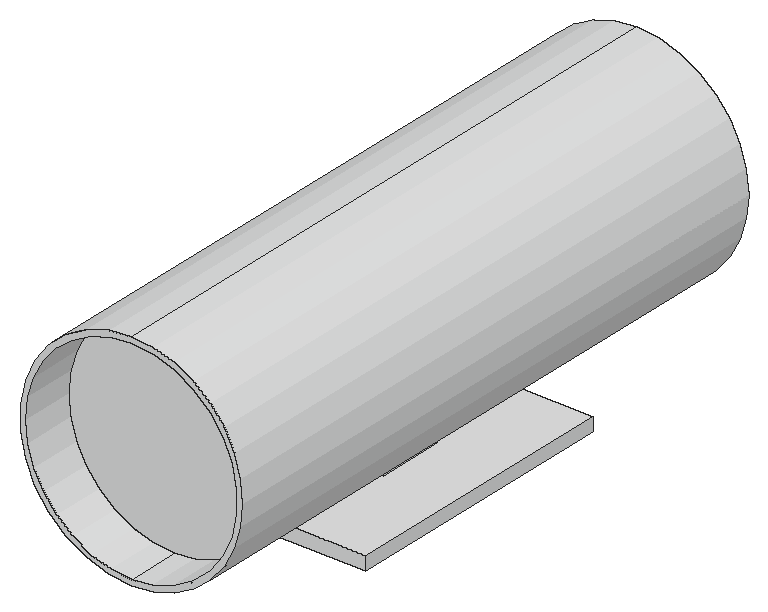
Revit family "Lighting-Wall Mount-Amerlux-Rook350-Round", category Lighting Fixtures, host Face, Revit 2020
Family settings
  Host = Face
  Round Connector Dimension = Use Diameter
  Part Type = Normal
  Cut with Voids When Loaded = No
  Light Source = Yes
  Shared = No
  Room Calculation Point = No
Parameters (values of type "Wall Mount")
  Wattage = 9.2903 W
  built-in parameter 1150110 = 1 (stored number, unit not read)
  Voltage = 0 V
  Uplight [instance] = yes
  URL = "http://www.amerlux.com/"
  built-in parameter 1114217 = 1 (stored number, unit not read)
  Tilt Angle = -90.00°
  built-in parameter 1150109 = 1 (stored number, unit not read)
  built-in parameter 1150134 = 3
  built-in parameter 1150113 = 1 (stored number, unit not read)
  Power Factor = 1
  Photometric Web File = "Load File"
  Number of Poles = 1
  built-in parameter 1150142 = (empty or 0)
  Model = "Rook 350"
  Manufacturer = "Amerlux"
  built-in parameter 1150105 = 109.82 (stored number, unit not read)
  Lumens = 1380 lm
  built-in parameter 1150115 = 1 (stored number, unit not read)
  built-in parameter 1150137 = (empty or 0)
  built-in parameter 1150139 = (empty or 0)
  built-in parameter 1150112 = 1 (stored number, unit not read)
  built-in parameter 1150114 = 1 (stored number, unit not read)
  built-in parameter 1150132 = (empty or 0)
  built-in parameter 1150102 = (empty or 0)
  built-in parameter 1150107 = 3200 (stored number, unit not read)
  built-in parameter 1150138 = (empty or 0)
  built-in parameter 1150106 = 1.0982 (stored number, unit not read)
  Height = 11.50"
  Fixture Finish = Aluminum Finish
  Emit from Circle Diameter = 4.00"
  Emit Shape Visible in Rendering = no
  built-in parameter 1150104 = 13.8 (stored number, unit not read)
  Dimming Lamp Color Temperature Shift = <None>
  Description = "Wall Mount"
  Default Elevation = 48.00"
  Color Filter = 16777215
  built-in parameter 1114218 = 1 (stored number, unit not read)
  Back Plate Height = 5.17"
  built-in parameter 1150133 = 10 (stored number, unit not read)
  Apparent Load = 0 VA
Types (3): name | Height
  (no name) | 11.50"
  Wall Mount | 11.50"
  Remote | 6.50"
Reference planes (in)
  plane 1 "Center (Front/Back)": y = 0
  plane 2: z = 0
  plane 3 "Center (Left/Right)": x = 0
  plane 4: z = 0
  plane 5: z = 24
  plane 6: y = 5.75
  plane 7: y = -5.75
  plane 8: y = 2.585
  plane 9: y = -2.585
  plane 10: x = -1.73065
  plane 11: x = 1.73065
Forms (in)
  Extrusion 1, solid, material "Aluminum Finish"
    sketch origin (0, -19.5, 2.57415) x (0, 0, -1) y (-1, 0, 0)
      loop
        circle (0, 0) r 2.03125
    from 13.75 to 25.25
  Extrusion 2, solid, material "Aluminum Finish" <- "Fixture Finish"
    sketch origin (0, 0, 0) x (1, 0, 0) y (0, 0, 1)
      loop
        line (-1.73065, 0.25) -> (-1.73065, 0) -> (1.73065, 0) -> (1.73065, 0.25) -> (-1.73065, 0.25)
    from -2.585 to 2.585
  Extrusion 3, void
    sketch origin (0, 19.5, 2.57415) x (0, 0, -1) y (1, 0, 0)
      loop
        circle (0, 0) r 1.93097
    from 24.2809 to 25.25
  Extrusion 4, solid, material "Aluminum Finish" <- "Fixture Finish"
    sketch origin (0, 0, 0) x (0, 1, 0) y (0, 0, 1)
      loop
        line (0.59984, 0.5429) -> (-0.60915, 0.5429) -> (-0.60915, 0.25) -> (0.59984, 0.25) -> (0.59984, 0.5429)
    from -0.47183 to 0.47549
  Extrusion 5, void
    sketch origin (0, -19.5, 2.57415) x (0, 0, -1) y (-1, 0, 0)
      loop
        circle (0, 0) r 1.93097
    from 24.2809 to 25.25
Cuts and joins
  Extrusion 3, Extrusion 5 cuts Extrusion 1
Dimensions and locks (in)
  plane 4 to host face = 0.00"
  equal spacing: plane 6, plane 1 "Center (Front/Back)", plane 7
  "Height": plane 6 to plane 7
  equal spacing: plane 8, plane 1 "Center (Front/Back)", plane 9
  "Back Plate Height": plane 8 to plane 9
  equal spacing: plane 10, plane 3 "Center (Left/Right)", plane 11
  plane 10 to plane 11 = 3.4613"
  locked: cut or joined group of Extrusion 1, Extrusion 3, Extrusion 5 to cut or joined group of Extrusion 1, Extrusion 3, Extrusion 5 at 0.9691  (x2)
  diameter of Extrusion 1 sketch curve = 4.0625"
  aligned and locked: plane 2 to host face
  aligned and locked: level to host face
  aligned and locked: plane 3 "Center (Left/Right)" to imposter light
  aligned and locked: level to Extrusion 2 sketch curve
  aligned and locked: plane 6 to cut or joined group of Extrusion 1, Extrusion 3, Extrusion 5
  aligned and locked: cut or joined group of Extrusion 1, Extrusion 3, Extrusion 5 to plane 7
  aligned and locked: imposter light to cut or joined group of Extrusion 1, Extrusion 3, Extrusion 5
Automatic sketch dimensions
  host sketch curve to host sketch curve = 96.00"  (x2)
  Extrusion 1 sketch curve to plane 3 "Center (Left/Right)" = 0.00"
  level to Extrusion 1 sketch curve = 2.57415"
  Extrusion 2 sketch curve to plane 10 = 0.00"
  Extrusion 2 sketch curve to plane 11 = 0.00"
  Extrusion 2 sketch curve to Extrusion 2 sketch curve = 0.25"
  Extrusion 3 sketch curve to plane 3 "Center (Left/Right)" = 0.00"
  level to Extrusion 3 sketch curve = 2.57415"
  plane 1 "Center (Front/Back)" to Extrusion 4 sketch curve = 0.60915"
  level to Extrusion 4 sketch curve = 0.25"
  Extrusion 4 sketch curve to plane 1 "Center (Front/Back)" = 0.59984"
  Extrusion 4 sketch curve to Extrusion 4 sketch curve = 0.2929"
  Extrusion 5 sketch curve to plane 3 "Center (Left/Right)" = 0.00"
  level to Extrusion 5 sketch curve = 2.57415"
  radius of Extrusion 3 sketch curve = 1.93097"
  radius of Extrusion 5 sketch curve = 1.93097"
Nested families (in)
  nested 1: "Family1" at (0, 4.83511, -51.42032), visible <- "Uplight", type "Family1"
Connectors (in)
  electrical at (0, 0, 0), driven by "Number of Poles", driven by "Voltage", driven by "Apparent Load", driven by "Power Factor"
    settings: on Extrusion 2, index 1, voltage 0 V, apparent load 0 VA, apparent load phase1 0 VA, apparent load phase2 0 VA, apparent load phase3 0 VA, power factor 1, load classification "Other", number of poles 1, system type 31, power factor state 1, is connector primary yes, connector utility no, sub classification motor no, connector description ""
Definition of nested family "Family1"
  Parameters (values of type "Family1")
    Wattage = 9.2903 W
    built-in parameter 1150110 = 1 (stored number, unit not read)
    built-in parameter 1114217 = 1 (stored number, unit not read)
    Tilt Angle = 90.00°
    built-in parameter 1150109 = 1 (stored number, unit not read)
    built-in parameter 1150134 = 3
    built-in parameter 1150113 = 1 (stored number, unit not read)
    Photometric Web File = "generic"
    built-in parameter 1150142 = (empty or 0)
    built-in parameter 1150105 = 109.82 (stored number, unit not read)
    Lumens = 1380 lm
    built-in parameter 1150115 = 1 (stored number, unit not read)
    built-in parameter 1150137 = (empty or 0)
    built-in parameter 1150139 = (empty or 0)
    built-in parameter 1150112 = 1 (stored number, unit not read)
    built-in parameter 1150114 = 1 (stored number, unit not read)
    built-in parameter 1150132 = (empty or 0)
    built-in parameter 1150102 = (empty or 0)
    built-in parameter 1150107 = 3200 (stored number, unit not read)
    built-in parameter 1150138 = (empty or 0)
    built-in parameter 1150106 = 1.0982 (stored number, unit not read)
    Emit from Circle Diameter = 4.00"
    Emit Shape Visible in Rendering = no
    built-in parameter 1150104 = 13.8 (stored number, unit not read)
    Dimming Lamp Color Temperature Shift = (empty or 0)
    Default Elevation = 0.00"
    Color Filter = 16777215
    built-in parameter 1114218 = 1 (stored number, unit not read)
    built-in parameter 1150133 = 10 (stored number, unit not read)
  Reference planes (in)
    plane 1 "Light Source Axis (F/B)": y = 0
    plane 2: z = 0
    plane 3 "Light Source Axis (L/R)": x = 0
    plane 4 "Light Source Elevation": z = 54
  Dimensions and locks (in)
    aligned and locked: level to plane 2
